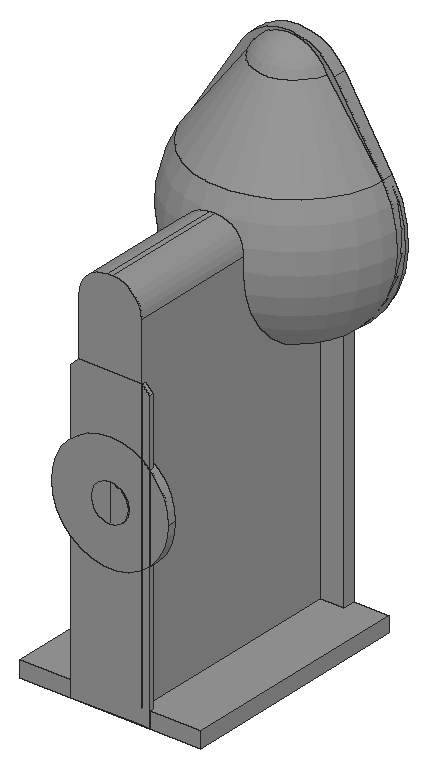
Revit family "Toilet-Willoughby-ETF-1490-FM-12-FA-TS", category Plumbing Fixtures, Revit 2015
Parameters (values of type "Standard")
  Waste DIA = 2 3/8"
  Waste Connection = yes
  W-RAD [instance] = Waste DIA / 2  # 0' - 1 3/16"
  Vent Connection = no
  URL = "https://www.willoughby-ind.com/wp-content/uploads/2018/01/ETF-1490-FM-FA.pdf"
  Type Comments = ""
  Revision = "A"
  Model = "ETF-1490-FM-FA-12-TS"
  Manufacturer = "Willoughby Industries"
  HW Connection = no
  Flush inlet DIA = 1 1/2"
  Fixture Body = Stainless Steel AISI 304-Willoughby
  F-RAD [instance] = Flush inlet DIA / 2  # 0' - 0 3/4"
  Description = "Floor Outlet, Floor Mounted Toilet, Front Access, With 12\" Rough In, Top Spud"
  Default Elevation = 0' - 0"
  Contact Number = "(800) 428-4065"
  CW Connection = yes
Reference planes (in)
  plane 1 "Base": y = -16.25
  plane 2: z = 0
  plane 3 "Center": x = 18.31072
  plane 4 "Waste height": y = -4.75
  plane 5: y = -1.25
  plane 6: z = -6.75
  plane 7: y = -2.125
  plane 8: y = -14.0625
  plane 9: y = 0.5
  plane 10: x = 16.56072
  plane 11: x = 20.06072
  plane 12: x = 11.56072
  plane 13: x = 25.06072
  plane 14: z = 23
  plane 15: z = 30.75
  plane 16: x = 15.81072
  plane 17: x = 20.81072
  plane 18: x = 16.31072
  plane 19: x = 20.31072
  plane 20: z = 12
  plane 21: x = 12.56072
  plane 22: x = 24.06072
  plane 23: z = 2.75
  plane 24: z = 32.75
Forms (in)
  Extrusion 1, solid, material "Stainless Steel AISI 304-Willoughby" <- "Fixture Body"
    sketch origin (16.08109, 7.47968, -0.20225) x (-1, 0, 0) y (0, 0, -1)
      loop
        line (1.29775, -16.80087) -> (1.29775, -1.20225) -> (-5.72963, -1.20225) -> (-5.72963, -16.81676)
        arc (-5.72963, -16.81676) -> (-8.98136, -21.11843) -> (-8.21015, -26.45542) r 7
        line (-8.21015, -26.45542) -> (-5.16818, -31.31054)
        arc (-5.16818, -31.31054) -> (-2.20225, -32.95225) -> (0.76368, -31.31054) r 3.5
        line (0.76368, -31.31054) -> (3.80565, -26.45542)
        arc (3.80565, -26.45542) -> (4.5729, -21.10311) -> (1.29775, -16.80087) r 7
      loop
        arc (2.03989, -24.70557) -> (-2.20225, -18.23804) -> (-6.44438, -24.70557) r 4.625
        line (-6.44438, -24.70557) -> (-4.04125, -30.23842)
        arc (-4.04125, -30.23842) -> (-2.20225, -31.45225) -> (-0.36324, -30.23842) r 2
        line (-0.36324, -30.23842) -> (2.03989, -24.70557)
    from 8.72968 to 9.5
  Revolve 2, solid, material "Stainless Steel AISI 304-Willoughby" <- "Fixture Body"
    sketch origin (19.37246, -1.52032, 3.00169) x (-1, 0, 0) y (0, 0, -1)
      loop
        line (1.06174, -12.59906) -> (1.06174, -12.84906)
        arc (1.06174, -12.84906) -> (7.03046, -17.88333) -> (5.08904, -25.44643) r 7.34171
        line (5.08904, -25.44643) -> (3.31535, -27.91457)
        arc (3.31535, -27.91457) -> (2.42192, -29.02159) -> (1.06174, -29.43826) r 2.42844
        line (1.06174, -29.43826) -> (1.06174, -29.68826)
        arc (1.06174, -29.68826) -> (2.54295, -29.2403) -> (3.52767, -28.04656) r 2.67283
        line (3.52767, -28.04656) -> (7.06964, -23.19143)
        arc (7.06964, -23.19143) -> (7.15052, -16.14555) -> (1.06174, -12.59906) r 7
      axis (1.06174, -12.59906) -> (1.06174, -29.68826)
    angle from 0 to -180
  Extrusion 3, solid, material "Stainless Steel AISI 304-Willoughby" <- "Fixture Body"
    sketch origin (19.53334, -3.02032, -2.9508) x (0, 1, 0) y (0, 0, 1)
      loop
        line (-4.42257, 3.9508) -> (1.02643, 3.9508) -> (1.02643, 18.97156)
        arc (1.02643, 18.97156) -> (-2.31062, 20.32275) -> (-4.42257, 23.23845) r 6.52287
        line (-4.42257, 23.23845) -> (-4.42257, 3.9508)
    from 0.77738 to -3.22262
  Extrusion 4, solid, material "Stainless Steel AISI 304-Willoughby" <- "Fixture Body"
    sketch origin (0, -16.25, 0) x (1, 0, 0) y (0, 0, 1)
      loop
        line (24.06072, 0) -> (24.06072, 1) -> (12.56072, 1) -> (12.56072, 0) -> (24.06072, 0)
    from -15 to 0
  Extrusion 5, solid, material "Stainless Steel AISI 304-Willoughby" <- "Fixture Body"
    sketch origin (0, -16.25, 2) x (1, 0, 0) y (0, 0, 1)
      loop
        line (20.31072, -1) -> (20.31072, 21.16116)
        arc (20.31072, 21.16116) -> (19.77214, 22.46142) -> (18.47188, 23) r 1.83884
        line (18.47188, 23) -> (18.15461, 23)
        arc (18.15461, 23) -> (16.85078, 22.45994) -> (16.31072, 21.15611) r 1.84389
        line (16.31072, 21.15611) -> (16.31072, -1) -> (20.31072, -1)
    from 0 to -8.80711
  Revolve 6, solid, material "Stainless Steel AISI 304-Willoughby" <- "Fixture Body"
    sketch origin (18.31072, 0, 0) x (0, 1, 0) y (0, 0, 1)
      loop
        line (-16.26028, 12) -> (-14.75, 12) -> (-14.75, 13.1875) -> (-16.26028, 13.1875) -> (-16.26028, 12)
      axis (-14.75, 12) -> (-16.26028, 12)
    angle from 0 to 360
  Revolve 7, solid, material "Stainless Steel AISI 304-Willoughby" <- "Fixture Body"
    sketch origin (18.31072, 0, 0) x (0, 1, 0) y (0, 0, 1)
      loop
        line (-1.25384, 2.75) -> (-1.25384, 3.5) -> (-3, 3.5) -> (-3, 2.75) -> (-1.25384, 2.75)
      axis (-1.25384, 2.75) -> (-3, 2.75)
    angle from 0 to 360
  Extrusion 8, solid, material "Stainless Steel AISI 304-Willoughby" <- "Fixture Body"
    sketch origin (0, -16.25, 9.25) x (1, 0, 0) y (0, 0, 1)
      loop
        circle (18.31072, 2.75) r 3.75
    from 0 to -0.5
  Extrusion 9, solid, material "Stainless Steel AISI 304-Willoughby" <- "Fixture Body"
    sketch origin (0, -16.25, 0) x (1, 0, 0) y (0, 0, 1)
      loop
        line (20.31072, 0) -> (20.81072, 0) -> (20.81072, 19) -> (20.31072, 19.5) -> (16.31072, 19.5) -> (15.81072, 19) -> (15.81072, 17) -> (15.81072, 0) -> (16.31072, 0) -> (20.31072, 0)
    from 0 to -0.25
Cuts and joins
  joined: Extrusion 1, Extrusion 3, Extrusion 4, Extrusion 5
Lines and regions (in)
  symbolic lines
    curve 1: line (24.06072, -16.25, 0) -> (12.56072, -16.25, 0)
    curve 2: line (11.28334, -2.02032, 0) -> (11.28334, -1.25, 0)
    curve 3: line (11.28334, -1.25, 0) -> (25.28334, -1.25, 0)
    curve 4: arc (25.28334, -1.25, 0) -> (23.34562, -6.3737, 0) -> (18.31072, -8.53165, 0) r 6.99765
    curve 5: arc (18.31072, -8.53165, 0) -> (13.53626, -6.63668, 0) -> (11.28334, -2.02032, 0) r 7.11223
    curve 6: line (12.56072, -5.52262, 0) -> (12.56072, -16.25, 0)
    curve 7: line (24.06072, -5.49416, 0) -> (24.06072, -16.25, 0)
    curve 8: line (20.31072, -8.234, 0) -> (20.31072, -16.25, 0)
    curve 9: line (16.31072, -8.2272, 0) -> (16.31072, -16.25, 0)
    curve 10: line (14.56072, -16.25, 0) -> (14.56072, -15.75, 0)
    curve 11: line (14.56072, -15.75, 0) -> (16.31072, -15.75, 0)
    curve 12: line (22.06072, -16.25, 0) -> (22.06072, -15.75, 0)
    curve 13: line (22.06072, -15.75, 0) -> (20.31072, -15.75, 0)
    curve 14: line (12.56072, -16.25, 0) -> (24.06072, -16.25, 0)
    curve 15: line (24.06072, -16.25, 0) -> (24.06072, -16.25, 1)
    curve 16: line (24.06072, -16.25, 1) -> (21.81072, -16.25, 1)
    curve 17: line (21.81072, -16.25, 1) -> (21.81072, -16.25, 16.61451)
    curve 18: arc (21.81072, -16.25, 16.61451) -> (25.08188, -16.25, 20.87566) -> (24.31862, -16.25, 26.19312) r 6.91969
    curve 19: line (24.31862, -16.25, 26.19312) -> (21.25205, -16.25, 31.10385)
    curve 20: arc (21.25205, -16.25, 31.10385) -> (18.28334, -16.25, 32.75) -> (15.31463, -16.25, 31.10385) r 3.5
    curve 21: line (15.31463, -16.25, 31.10385) -> (12.35249, -16.25, 26.379)
    curve 22: arc (12.35249, -16.25, 26.379) -> (11.49002, -16.25, 20.97236) -> (14.78334, -16.25, 16.59862) r 7
    curve 23: line (14.78334, -16.25, 16.59862) -> (14.78334, -16.25, 1)
    curve 24: line (14.78334, -16.25, 1) -> (12.56072, -16.25, 1)
    curve 25: line (12.56072, -16.25, 1) -> (12.56072, -16.25, 0)
    curve 31: line (18.31072, -16.23457, 0) -> (18.31072, -1.25, 0)
    curve 32: line (18.31072, -1.25, 0) -> (18.31072, -1.25, 32.75)
    curve 33: line (18.31072, -1.25, 32.75) -> (18.31072, -2.02032, 32.75)
    curve 34: arc (18.31072, -2.02032, 32.75) -> (18.31072, -3.17945, 32.10263) -> (18.31072, -3.98625, 31.04824) r 3.27434
    curve 35: line (18.31072, -3.98625, 31.04824) -> (18.31072, -7.52822, 26.19312)
    curve 36: arc (18.31072, -7.52822, 26.19312) -> (18.31072, -7.83175, 25.60913) -> (18.31072, -8.084, 25.00124) r 7.65783
    curve 37: line (18.31072, -8.084, 25.00124) -> (18.31072, -16.23457, 25.00124)
    curve 38: line (18.31072, -16.23457, 25.00124) -> (18.31072, -16.23457, 0)
    curve 39: line (18.31072, -16.23457, 1) -> (18.31072, -2.02032, 1)
    curve 40: line (18.31072, -2.02032, 1) -> (18.31072, -2.02032, 16.59862)
    curve 41: line (18.31072, -2.02032, 16.59862) -> (18.31072, -1.25, 16.59862)
    curve 42: arc (18.31072, -2.02032, 15.94665) -> (18.31072, -5.64926, 17.34255) -> (18.31072, -7.88162, 20.52599) r 6.66441
    curve 43: arc (18.31072, -7.88162, 20.52599) -> (18.31072, -8.16455, 21.74767) -> (18.31072, -8.22932, 23) r 7.13765
    curve 44: arc (18.31072, -8.22932, 23) -> (18.31072, -8.17477, 24.00193) -> (18.31072, -8.084, 25.00124) r 27.72439
    curve 45: arc (21.81072, -16.25, 13.3537) -> (22.06101, -16.25, 12.0037) -> (21.81072, -16.25, 10.65371) r 3.76582
  symbolic lines, detail levels fine
    curve 26: arc (14.78334, -16.25, 13.27282) -> (14.56072, -16.25, 12) -> (14.78334, -16.25, 10.72718) r 3.75
    curve 27: arc (22.52547, -16.25, 24.50332) -> (18.28334, -16.25, 18.0358) -> (14.0412, -16.25, 24.50332) r 4.625
    curve 28: line (14.0412, -16.25, 24.50332) -> (16.44433, -16.25, 30.03617)
    curve 29: arc (16.44433, -16.25, 30.03617) -> (18.28334, -16.25, 31.2424) -> (20.12234, -16.25, 30.03617) r 2.00498
    curve 30: line (20.12234, -16.25, 30.03617) -> (22.52547, -16.25, 24.50332)
Dimensions and locks (in)
  plane 1 "Base" to plane 5 = 1' - 3"
  level to plane 15 = 2' - 6 3/4"
  locked: plane 21 to plane 22 at 11.5
  plane 21 to plane 22 = 0' - 11 1/2"
  plane 13 to plane 22 = 0' - 1"
  level to plane 20 = 1' - 0"
  plane 21 to plane 3 "Center" = 0' - 5 3/4"
  level to plane 23 = 0' - 2 3/4"
  plane 18 to plane 19 = 0' - 4"
  plane 18 to plane 3 "Center" to plane 19 = 0' - 2", 0' - 2"
  plane 15 to level = 2' - 6 3/4"
  plane 20 to level = 1' - 0"
Connectors (in)
  piping at (18.31072, -16.26028, 12), diameter 2.375, driven by "W-RAD", driven by "Waste Connection"
    settings: on Revolve 6, index 4, connector inside diameter 24", connector length 0' - 0", flow factor 0, pipe flow 1.6 GPM, pressure drop 0.00 psi, fitting loss kfactor 0, connector angle 0.00°, fixture units 0, engagement length 0' - 0", angle of deflection 0.00°, flow configuration 0, flow direction 2, fitting loss method 0, system type 16, joint type 0, gender type 0, connector reference index -1, connector utility 1, adjustable connector no, is connector primary yes, connector description "Toilet Waste"
  piping at (18.31072, -1.25384, 2.75), diameter 1.5, driven by "F-RAD", driven by "CW Connection"
    settings: on Revolve 7, index 5, connector inside diameter 24", connector length 0' - 0", flow factor 0, pipe flow 0 GPM, pressure drop 0.00 psi, fitting loss kfactor 0, connector angle 0.00°, fixture units 0, engagement length 0' - 0", angle of deflection 0.00°, flow configuration 0, flow direction 1, fitting loss method 0, system type 20, joint type 0, gender type 0, connector reference index -1, connector utility 1, adjustable connector no, is connector primary no, connector description "Flush Inlet"
